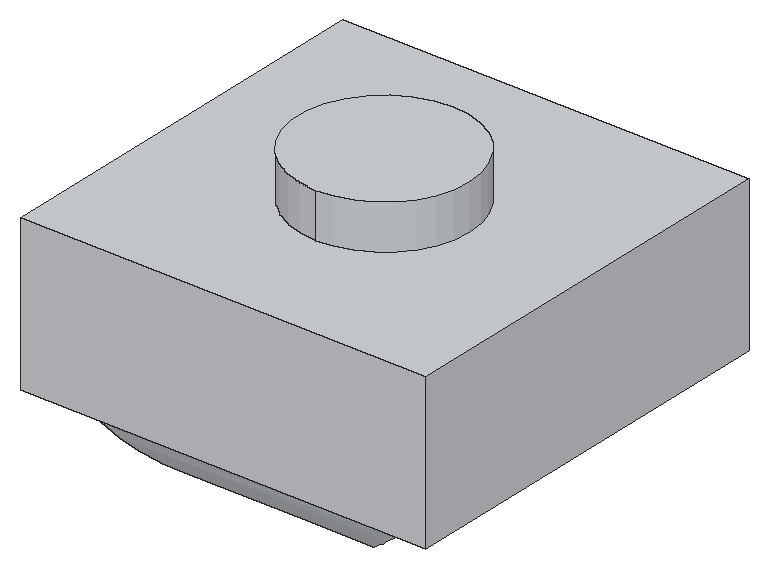
Revit family "2015_LabSoxD-FuserMetalPanFiltered", category Air Terminals, Revit 2015
Parameters (values of type "24" x 24" - 10" Connector")
  Wide D = 23 5/8"
  URL = "www.ductsox.com"
  Min Flow = Default Flow * 2 / 3  # 250 CFM
  Max Flow = Default Flow * 4 / 3  # 500 CFM
  Manufacturer = "DUCTSOX"
  Lenght C = 6"
  Lenght B = 20 5/8"
  Lenght A = 23 3/4"
  Flow [instance] = 375 CFM
  Duct Connector = 5"
  Default Elevation = 48"
  Default Flow = 375 CFM
Types (3): name | Min Flow | Max Flow | Lenght C | Lenght B | Lenght A | Flow | Duct Connector | Default Flow
  (no name) | 250 CFM | 500 CFM | 6" | 20 5/8" | 23 3/4" | 375 CFM | 5" | 375 CFM
  24" x 24" - 10" Connector | 250 CFM | 500 CFM | 6" | 20 5/8" | 23 3/4" | 375 CFM | 5" | 375 CFM
  24" x 48" - 12" Connector | 500 CFM | 1000 CFM | 32" | 44 5/8" | 47 3/4" | 750 CFM | 6" | 750 CFM
Reference planes (in)
  plane 1 "Center (Front/Back)": y = 0
  plane 2: z = 0
  plane 3 "Center (Left/Right)": x = 0
  plane 4: y = 11.8125
  plane 5: y = -11.8125
  plane 6 "Left": x = -11.875
  plane 7 "Right": x = 11.875
  plane 8 "Duct": z = 9
  plane 9 "Left Dif.": x = -10.3125
  plane 10 "Right Dif.": x = 10.3125
  plane 11: z = -6
  plane 12: y = 10.25
  plane 13: y = -10.25
  plane 14: x = -3
  plane 15: x = 3
Forms (in)
  Extrusion 1, solid
    sketch origin (0, 0, 0) x (1, 0, 0) y (0, 1, 0)
      loop
        line (-11.875, -11.8125) -> (11.875, -11.8125) -> (11.875, 11.8125) -> (-11.875, 11.8125) -> (-11.875, -11.8125)
    from 0 to 9
  Extrusion 2, solid
    sketch origin (0, 0, 9) x (0, -1, 0) y (1, 0, 0)
      loop
        circle (0, 0) r 5
    from 0 to 2.625
  Extrusion 3, solid
    sketch origin (-10.3125, 0, 0) x (0, 1, 0) y (0, 0, 1)
      loop
        line (10.25, 0) -> (-10.25, 0)
        spline (-10.25, 0) -> (-9.90074, -1.55291) -> (-8.87676, -3) -> (-7.24784, -4.24264) -> (-5.125, -5.19615) -> (-2.6529, -5.79555) -> (0, -6) -> (2.6529, -5.79555) -> (5.125, -5.19615) -> (7.24784, -4.24264) -> (8.87676, -3) -> (9.90074, -1.55291) -> (10.25, 0)
    from 0 to 20.625 <- "Lenght B"
  Extrusion 4, void
    sketch origin (0, 0, 0) x (1, 0, 0) y (0, 0, 1)
      loop
        line (-10.3125, 0) -> (-15.375, -6) -> (-3, -6) -> (-10.3125, 0)
    from -15.85517 to 16.23426
  Extrusion 5, void
    sketch origin (0, 0, 0) x (1, 0, 0) y (0, 0, 1)
      loop
        line (3, -6) -> (16.74671, -6) -> (10.3125, 0) -> (3, -6)
    from -15.85517 to 16.23426
  Extrusion 6, solid
    sketch origin (0, 0, 0) x (1, 0, 0) y (0, 1, 0)
      loop
        line (-9.3125, 9.3125) -> (-9.3125, -9.3125) -> (9.3125, -9.3125) -> (9.3125, 9.3125) -> (-9.3125, 9.3125)
    from 0.44044 to 2.31603
Cuts and joins
  Extrusion 4, Extrusion 5 cuts Extrusion 1
  Extrusion 4, Extrusion 5 cuts Extrusion 3
Dimensions and locks (in)
  equal spacing: plane 4, plane 1 "Center (Front/Back)", plane 5
  "Wide D": plane 4 to plane 5
  equal spacing: plane 6 "Left", plane 3 "Center (Left/Right)", plane 7 "Right"
  "Lenght A": plane 6 "Left" to plane 7 "Right"
  equal spacing: plane 9 "Left Dif.", plane 3 "Center (Left/Right)", plane 10 "Right Dif."
  "Lenght B": plane 9 "Left Dif." to plane 10 "Right Dif."
  equal spacing: plane 15, plane 3 "Center (Left/Right)", plane 14
  "Lenght C": plane 15 to plane 14
  equal spacing: Extrusion 6 sketch curve, plane 3 "Center (Left/Right)", Extrusion 6 sketch curve
  "Duct Connector": radius of Extrusion 2 sketch curve
Automatic sketch dimensions
  Extrusion 1 sketch curve to plane 4 = 0"
  Extrusion 1 sketch curve to plane 6 "Left" = 0"
  Extrusion 1 sketch curve to plane 7 "Right" = 0"
  Extrusion 1 sketch curve to plane 5 = 0"
  plane 1 "Center (Front/Back)" to Extrusion 2 sketch curve = 0"
  Extrusion 2 sketch curve to plane 3 "Center (Left/Right)" = 0"
  Extrusion 3 sketch curve to level = 0"
  Extrusion 3 sketch curve to plane 13 = 0"
  Extrusion 3 sketch curve to plane 12 = 0"
  Extrusion 4 sketch curve to plane 11 = 0"
  Extrusion 4 sketch curve to level = 0"
  Extrusion 4 sketch curve to plane 9 "Left Dif." = 0"
  Extrusion 4 sketch curve to plane 14 = 0"
  Extrusion 4 sketch curve to plane 6 "Left" = 3 1/2"
  Extrusion 5 sketch curve to plane 15 = 0"
  Extrusion 5 sketch curve to level = 0"
  Extrusion 5 sketch curve to plane 10 "Right Dif." = 0"
  Extrusion 5 sketch curve to plane 11 = 0"
  plane 7 "Right" to Extrusion 5 sketch curve = 4.87171"
  Extrusion 6 sketch curve to plane 13 = 15/16"
  plane 12 to Extrusion 6 sketch curve = 15/16"
  plane 9 "Left Dif." to Extrusion 6 sketch curve = 1"
Connectors (in)
  hvac at (0, 0, 11.625), driven by "Duct Connector", driven by "Flow"
    settings: on Extrusion 2, index 1, duct flow 375 CFM, flow factor 0, pres drop 0.00 in-wg, loss coef 0, conn angle 0.00°, conn width 12", conn height 12", conn diameter 10", duct sys type 1, conn prof type 0, flow config 0, flow direction 2, loss method 0, conn ref index -1, conn util no, is conn primary yes, conn desc ""
